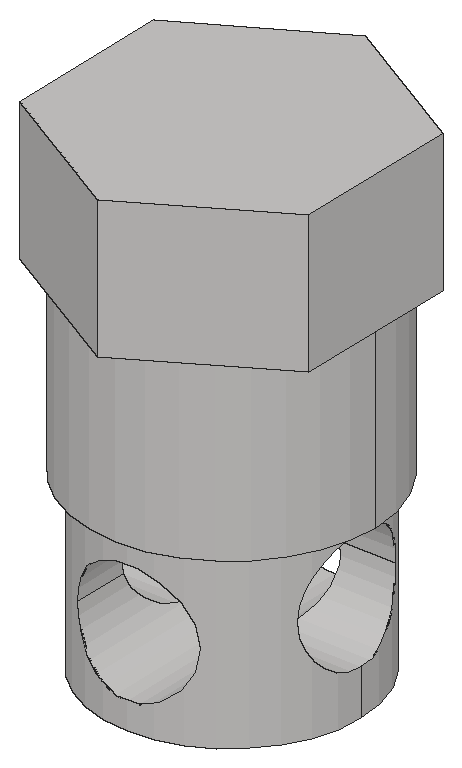
Revit family "Difusores radiales CO2_Aguilera Extincion", category Rociadores, Revit 2017
Family settings
  Mantener orientación de anotación = No
  Cota de conector redondo = Radio de uso
  Tipo de pieza = Normal
  Número OmniClass = 23.65.70.17.11.24
  Título OmniClass = Fire Fighting Sprinkler Heads
  Se basa en plano de trabajo = Sí
  Siempre vertical = Sí
  Corte con vacíos al cargar = No
  Compartido = No
  Punto de cálculo de habitación = No
Parameters (values of type "Difusor radial 1/2" hembra")
  URL = "https://aguilera.es/?productos=difusores-radiales-para-co2"
  Símbolo texto modelo = yes
  Símbolo = yes
  Rosca = 12.7 mm
  Rh = Hexagonal / 2  # 13.5 mm
  Respuesta = Norma
  Radio = Rosca / 2  # 6.35 mm
  Orificio = Norma
  Modelo = "AEX/DRCO12C"
  Hr = Altura / 3.5  # 13.143 mm
  Hexagonal = 27 mm
  Fabricante = "Aguilera Extinción"  # constant formula
  Default Elevation = 0 mm
  Diámetro = 6.4 mm
  Descripción = "Componente que permite obtener un caudal predeterminado y una característica de distribución uniforme del agente extintor dentro o sobre el riesgo protegido."  # constant formula
  Dd = Altura / 4  # 11.5 mm
  Cobertura = Norma
  Clase de presión = Norma
  Altura = 46 mm
Types (5, lengths in mm): name | Rosca | Rh | Radio | Modelo | Hr | Hexagonal | Dd | Altura
  (no name) | 12.7 | 13.5 | 6.35 | "AEX/DRCO12C" | 13.143 | 27 | 11.5 | 46
  Difusor radial 1/4" hembra | 6.4 | 9 | 3.2 | "AEX/DRCO14C" | 8.571 | 18 | 7.5 | 30
  Difusor radial 3/8" hembra | 9.5 | 11 | 4.75 | "AEX/DRCO38C" | 10 | 22 | 8.75 | 35
  Difusor radial 1/2" hembra | 12.7 | 13.5 | 6.35 | "AEX/DRCO12C" | 13.143 | 27 | 11.5 | 46
  Difusor radial 3/4" hembra | 19.1 | 16 | 9.55 | "AEX/DRCO34C" | 14.286 | 32 | 12.5 | 50
Reference planes
  plane 1 "Centro (Frontal/Posterior)": y = 0
  plane 2: z = 0
  plane 3 "Centro (Izquierda/Derecha)": x = 0
  plane 4: through (4267.2, 0, -48.641) normal (0, -0.866, 0.5)
  plane 5: z = -46
  plane 6: x = -13.5
  plane 7: x = 13.5
  plane 8: through (-11.25, -9.093, 3968.5) normal (0.5, 0.866, 0)
  plane 9: through (-4.5, 2.598, 3968.5) normal (0.5, 0.866, 0)
  plane 10: through (2.25, 14.289, 3968.5) normal (0.5, 0.866, 0)
  plane 11: through (11.25, -9.093, 3968.5) normal (0.5, -0.866, 0)
  plane 12: through (4.5, 2.598, 3968.5) normal (0.5, -0.866, 0)
  plane 13: through (-2.25, 14.289, 3968.5) normal (0.5, -0.866, 0)
  plane 14: z = -13.143
Forms (mm)
  Extrusion 1, solid, material "Acero F212 Cromado", detail levels medium+fine
    sketch origin (0, 0, 0) x (1, 0, 0) y (0, 1, 0)
      loop
        line (13.5, 7.794) -> (0, 15.588) -> (-13.5, 7.794) -> (-13.5, -7.794) -> (0, -15.588) -> (13.5, -7.794) -> (13.5, 7.794)
    from 0 to -13.143
  Revolve 2, solid, material "Acero F212 Cromado", detail levels medium+fine
    sketch origin (0, 0, 0) x (1, 0, 0) y (0, 0, 1)
      loop
        line (0, -13.143) -> (-13.5, -13.143) -> (-13.5, -29.571) -> (-12.151, -29.571) -> (-12.151, -46) -> (0, -46) -> (0, -13.143)
      axis (0, -13.143) -> (0, -46)
    angle from 0 to 360
  Extrusion 3, void
    sketch origin (0, 0, 0) x (1, 0, 0) y (0, 0, 1)
      loop
        circle (0, -37.786) r 5.75
    from -15.588 to 15.588
  Extrusion 4, void
    sketch origin (0, 0, 0) x (0, -1, 0) y (0, 0, 1)
      loop
        circle (0, -36) r 5.75
    from -13.5 to 13.5
Cuts and joins
  Extrusion 3, Extrusion 4 cuts Revolve 2
Dimensions and locks
  equal spacing: plane 13, plane 12, plane 11
  "Hexagonal": plane 13 to plane 11
  equal spacing: plane 6, plane 3 "Centro (Izquierda/Derecha)", plane 7
  "Hexagonal": plane 6 to plane 7
  equal spacing: plane 10, plane 9, plane 8
  "Hexagonal": plane 10 to plane 8
  "Altura": plane 2 to plane 5
  "Rh": Revolve 2 sketch curve to Revolve 2 sketch curve
  equal spacing: Extrusion 1, Revolve 2 sketch curve, plane 5
  equal spacing: Revolve 2, Extrusion 3 sketch curve, Revolve 2
  Extrusion 4 sketch curve to plane 5 = 10 mm
  Revolve 2 sketch curve to Revolve 2 sketch curve = 1.349 mm
  "Hr": plane 2 to plane 14
  "Dd": diameter of Extrusion 3 sketch curve
  "Dd": diameter of Extrusion 4 sketch curve
  aligned and locked: level to plane 2
  aligned and locked: Extrusion 1 sketch curve to plane 7
  aligned and locked: Extrusion 1 sketch curve to plane 6
  aligned and locked: plane 8 to Extrusion 1 sketch curve
  aligned and locked: plane 10 to Extrusion 1 sketch curve
  aligned and locked: plane 13 to Extrusion 1 sketch curve
  aligned and locked: Extrusion 1 sketch curve to plane 11
  aligned and locked: level to Extrusion 1
  aligned and locked: Revolve 2 sketch curve to Extrusion 1
  aligned and locked: plane 3 "Centro (Izquierda/Derecha)" to Revolve 2 sketch curve
  aligned and locked: Revolve 2 sketch curve to plane 3 "Centro (Izquierda/Derecha)"
  aligned and locked: Revolve 2 sketch curve to plane 5
  aligned and locked: Extrusion 1 to Extrusion 4  (x2)
  aligned and locked: Extrusion 3 to Extrusion 1
  aligned and locked: Extrusion 1 to Extrusion 3
  aligned and locked: Extrusion 1 to plane 14
Automatic sketch dimensions
  Revolve 2 sketch curve to Revolve 2 sketch curve = 0.384 mm
  level to Revolve 2 sketch curve = 6.369 mm
  Extrusion 3 sketch curve to plane 3 "Centro (Izquierda/Derecha)" = 0 mm
  Extrusion 4 sketch curve to plane 1 "Centro (Frontal/Posterior)" = 0 mm
  plane 5 to Extrusion 4 sketch curve = 10 mm
Nested families
  nested 1: "S_Difusor radial_Aguilera Extinción" at (0, 0, 0), visible <- "Símbolo", type "S_Difusor radial_Aguilera Extinción", detail levels coarse
Connectors
  piping at (0, 0, 0), diameter 12.7, driven by "Radio", driven by "Modelo"
    settings: on Extrusion 1, index 1, connector inside diameter 609.6 mm, connector length 0 mm, flow factor 0, pipe flow 0.0 L/min, pressure drop 0.0 Pa, fitting loss kfactor 0, connector angle 0.00°, fixture units 0, engagement length 0 mm, angle of deflection 0.00°, flow configuration 0, flow direction 1, fitting loss method 0, system type 26, joint type 0, gender type 0, connector reference index -1, connector utility 0, adjustable connector no, is connector primary yes, connector description "AEX/DRCO12C"
Definition of nested family "S_Difusor radial_Aguilera Extinción"
  Parameters (values of type "S_Difusor radial_Aguilera Extinción")
    Texto símbolo = "Difusor radial"
    Texto modelo = yes
    Modelo = "AEX/DR114C"
  Reference planes
    plane 1: y = 0
    plane 2: x = 0
  Lines and regions (mm)
    detail lines
      curve 1: circle (0, 0, 0) r 1.49 normal (0, 0, 1)
      curve 2: line (1.699, 0, 0) -> (2.813, 0, 0)
      curve 3: line (1.201, 1.201, 0) -> (1.989, 1.989, 0)
      curve 4: line (0, 1.699, 0) -> (0, 2.813, 0)
      curve 5: line (-1.699, 0, 0) -> (-2.813, 0, 0)
      curve 6: line (-1.201, 1.201, 0) -> (-1.989, 1.989, 0)
      curve 7: line (1.201, -1.201, 0) -> (1.989, -1.989, 0)
      curve 8: line (0, -1.699, 0) -> (0, -2.813, 0)
      curve 9: line (-1.201, -1.201, 0) -> (-1.989, -1.989, 0)
  Text (mm)
    label "Texto símbolo" at (-0.164, 4.036, 0), shows "Texto símbolo", visible <- "Texto modelo"
    label "Modelo" at (-0.164, -4.339, 0), shows "Modelo", visible <- "Texto modelo"
